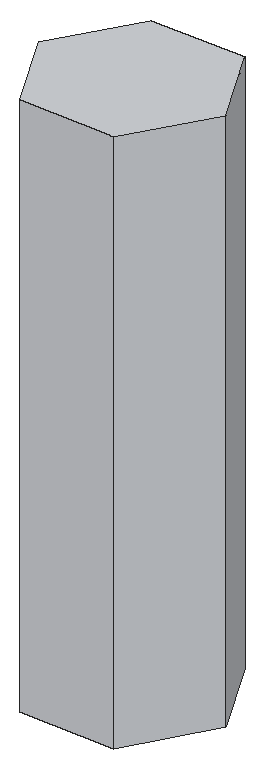
Revit family "$Player_Dog", category Generic Models, Revit 2020
Family settings
  Can host rebar = No
  Round Connector Dimension = Use Diameter
  Part Type = Normal
  Work Plane-Based = No
  Always vertical = Yes
  Cut with Voids When Loaded = No
  Shared = No
  Room Calculation Point = No
Parameters (values of type "SD")
  yes = 2 > 1  # yes
  show_standard [instance] = not(show_overweight)  # yes
  show_overweight [instance] = _property_is_overweight  # no
  no = not(yes)  # no
  _property_positionID = 13
  _property_name = "Peter"
  _property_luck = 50
  _property_is_overweight = no
  _property_hold_status = ""
  _asset_tools = ""
  _asset_skills = ""
  _asset_money = 2400
  _asset_direction = 1
  Default Elevation = 0 mm
Reference planes
  plane 1 "Center (Front/Back)": y = 0
  plane 2: z = 0
  plane 3 "Center (Left/Right)": x = 0
Forms (mm)
  Extrusion 1, solid, visible <- "show_standard"
    sketch origin (0, 0, 0) x (1, 0, 0) y (0, 1, 0)
      loop
        line (300, 0) -> (150, 259.808) -> (-150, 259.808) -> (-300, 0) -> (-150, -259.808) -> (150, -259.808) -> (300, 0)
    from 0 to 1750
  Extrusion 2, solid, visible <- "show_overweight"
    sketch origin (0, 0, 0) x (1, 0, 0) y (0, 1, 0)
      loop
        line (500, 0) -> (250, 433.013) -> (-250, 433.013) -> (-500, 0) -> (-250, -433.013) -> (250, -433.013) -> (500, 0)
    from 0 to 1300
Dimensions and locks
  aligned and locked: plane 2 to level
  aligned and locked: plane 1 "Center (Front/Back)" to nested 1
  aligned and locked: plane 3 "Center (Left/Right)" to nested 1
Nested families
  nested 1: "NAME_SYMBOL" at (0, 0, 0), _property_name <- "_property_name", _property_positionID <- "_property_positionID", type "NAME_SYMBOL"
    with _property_positionID 13, _property_name "Peter"
Definition of nested family "NAME_SYMBOL"
  Parameters (values of type "NAME_SYMBOL")
    _property_positionID [instance] = 0
    _property_name [instance] = ""
  Reference planes
    plane 1: y = 0
    plane 2: x = 0
  Lines and regions (mm)
    detail lines
      curve 1: line (-15, -5, 0) -> (15, -5, 0)
      curve 2: line (-15, 5, 0) -> (-15, -5, 0)
      curve 3: line (15, 5, 0) -> (-15, 5, 0)
      curve 4: line (15, -5, 0) -> (15, 5, 0)
  Text (mm)
    label "A\npositionID = _property_positionID" at (0.077, 0.299, 0), shows "_property_name", "_property_positionID"
